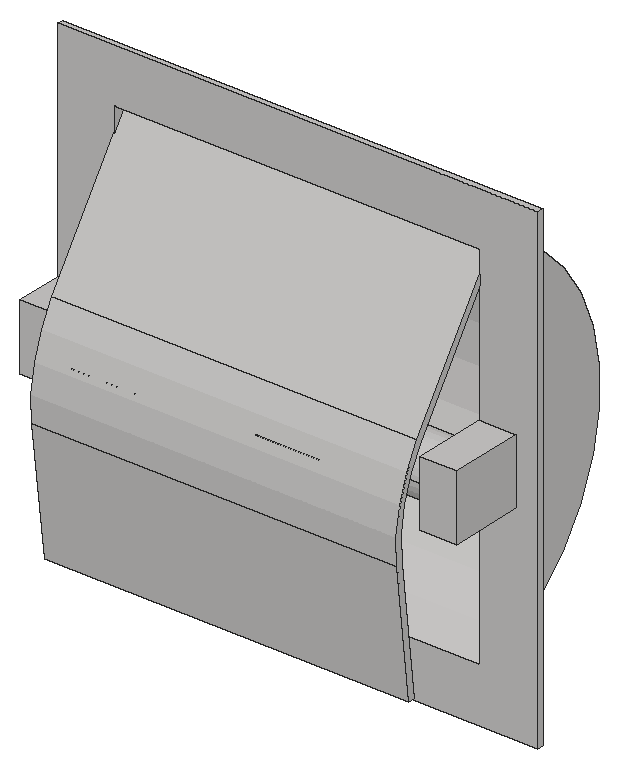
Revit family "Toilet Roll Dispenser_Metlam_Single_Recessed_Hooded", category Specialty Equipment, Revit 2016
Family settings
  Part Type = Normal
  Round Connector Dimension = Use Diameter
  OmniClass Number = 23.40.20.21.21
  OmniClass Title = Toilet Paper Dispensers
  Work Plane-Based = No
  Always vertical = Yes
  Cut with Voids When Loaded = Yes
  Shared = No
  Room Calculation Point = Yes
Parameters (values of type "161w x 84d x 161h (ML261-S)")
  URL = "http://www.metlam.com.au/"
  Type Comments = "Toiler Roll Dispensers"  # constant formula
  Model = "ML261-S"
  Material_ANZRS = z_Metlam_Metal_Stainless Steel_Satin
  Manufacturer_URL__Product Specific = "http://www.metlam.com.au/product/content/toilet-roll-dispensers/ML261"
  Manufacturer_Spec Code = Model  # "ML261-S"
  Manufacturer_Overall Width = 161 mm  # constant formula
  Manufacturer_Overall Height = 161 mm  # constant formula
  Manufacturer_Overall Depth = 84 mm  # constant formula
  Manufacturer_Height From FFL [instance] = 585 mm
  Manufacturer = "Metlam"  # constant formula
  Description = "Recessed Single Toilet Roll Holder"  # constant formula
  CreatedBy_ANZRS = "IGS BIM Solutions"  # constant formula
  CreatedByURL_ANZRS = "http://www.igsgroup.com.au/"
  Assembly Code = ""
Reference planes
  plane 1 "Back": y = 0
  plane 2 "Ref. Level": z = 0
  plane 3 "Center (Left/Right)": x = 0
  plane 4 "Right": x = 80.5
  plane 5 "Left": x = -80.5
  plane 6 "Recessed_Front": y = -47
  plane 7 "Top": z = 665.5
  plane 8 "Bottom": z = 504.5
  plane 9 "Mounting Height": z = 585
  plane 10 "Front": y = -84
Forms (mm)
  Revolve 1, solid, material "z_Metlam_Metal_Stainless Steel_Satin" <- "Material_ANZRS"
    sketch origin (-73.125, -1524, 585) x (-1, 0, 0) y (0, -1, 0)
      loop
        line (-12.01, -1463.68) -> (-12.01, -1452.68) -> (-73.125, -1452.68) -> (-73.125, -1454.18) -> (-134.239, -1454.18) -> (-134.239, -1463.68) -> (-12.01, -1463.68)
      axis (-12.01, -1463.68) -> (-134.239, -1463.68)
    angle from 0 to 360
  Extrusion 2, solid, material "z_Metlam_Metal_Stainless Steel_Satin" <- "Material_ANZRS"
    sketch origin (0, 0, 0) x (0, 1, 0) y (0, 0, 1)
      loop
        line (-49, 596) -> (-74, 596) -> (-74, 574) -> (-49, 574) -> (-49, 596)
    from 60.807 to 73.125
  Extrusion 3, solid, material "z_Metlam_Metal_Stainless Steel_Satin" <- "Material_ANZRS"
    sketch origin (0, 0, 0) x (0, 1, 0) y (0, 0, -1)
      loop
        line (-49, -596) -> (-49, -574) -> (-74, -574) -> (-74, -596) -> (-49, -596)
    from 61.115 to 73.125
  Extrusion 4, solid, material "z_Metlam_Metal_Stainless Steel_Satin" <- "Material_ANZRS"
    sketch origin (0, -5.566, 0) x (0, 1, 0) y (0, 0, 1)
      loop
        line (-37.807, 644.3) -> (-39.455, 645.433) -> (-69.636, 601.537)
        arc (-69.636, 601.537) -> (-77, 585.098) -> (-78.062, 567.116) r 50
        line (-78.062, 567.116) -> (-72.829, 524.5) -> (-70.814, 524.5) -> (-76.077, 567.359)
        arc (-76.077, 567.359) -> (-75.058, 584.622) -> (-67.988, 600.404) r 48
        line (-67.988, 600.404) -> (-37.807, 644.3)
    from -61.422 to 60.807
  Extrusion 5, solid, material "z_Metlam_Metal_Stainless Steel_Satin" <- "Material_ANZRS"
    sketch origin (0, -47, 0) x (-1, 0, 0) y (0, 0, -1)
      loop
        line (80.5, -665.5) -> (80.5, -504.5) -> (-80.5, -504.5) -> (-80.5, -665.5) -> (80.5, -665.5)
      loop
        line (61.422, -647.482) -> (61.422, -522.518) -> (-60.807, -522.518) -> (-60.807, -647.482) -> (61.422, -647.482)
    from 0 to 2
  Extrusion 6, solid, material "z_Metlam_Metal_Stainless Steel_Satin" <- "Material_ANZRS"
    sketch origin (-80.807, 0, 0) x (0, 0, 1) y (0, -1, 0)
      loop
        arc (520.46, 49) -> (585, 0) -> (649.54, 49) r 67.004
        line (649.54, 49) -> (647.461, 49)
        arc (647.461, 49) -> (585, 2) -> (522.539, 49) r 65.004
        line (522.539, 49) -> (520.46, 49)
    from 19.385 to 141.615
  Extrusion 7, solid, material "z_Metlam_Metal_Stainless Steel_Satin" <- "Material_ANZRS"
    sketch origin (-80.807, 0, 0) x (0, 0, 1) y (0, -1, 0)
      loop
        arc (521.052, 47) -> (585, 0) -> (648.948, 47) r 67.004
        line (648.948, 47) -> (521.052, 47)
    from 19.385 to 18.4
  Extrusion 8, solid, material "z_Metlam_Metal_Stainless Steel_Satin" <- "Material_ANZRS"
    sketch origin (-80.807, 0, 0) x (0, 0, 1) y (0, -1, 0)
      loop
        arc (521.052, 47) -> (585, 0) -> (648.948, 47) r 67.004
        line (648.948, 47) -> (521.052, 47)
    from 142.6 to 141.615
  Extrusion 9, void
    sketch origin (0, 0, 0) x (0, 1, 0) y (0, 0, 1)
      loop
        arc (-49, 520.46) -> (0, 585) -> (-49, 649.54) r 67.004
        line (-49, 649.54) -> (-49, 520.46)
    from -62.407 to 61.793
Cuts and joins
  joined: Extrusion 2, Extrusion 3, Extrusion 5, Extrusion 6, Extrusion 7, Extrusion 8
Lines and regions (mm)
  Masking region 1
    outline origin (0, 0, 0) x (1, 0, 0) y (0, 1, 0)
      loop
        line (-80.5, 0) -> (-80.5, -49) -> (-73.125, -49) -> (-73.125, -74) -> (-61.115, -74) -> (-61.115, -84) -> (61.115, -84) -> (61.115, -74) -> (73.125, -74) -> (73.125, -49) -> (80.5, -49) -> (80.5, 0) -> (-80.5, 0)
  symbolic lines, style "Bathroom Fixtures", detail levels medium+fine
    curve 1: line (-73.125, -49, 0) -> (73.125, -49, 0)
    curve 2: line (61.115, -74, 0) -> (61.115, -49, 0)
    curve 3: line (-61.115, -74, 0) -> (-61.115, -49, 0)
Text (mm)
  text "> Contact Manufacturer to confirm feasibility of design variations outside the scope of this Revit Family\n\n\n\nDisclaimer:\n\nDue to ongoing product development and manufacturing evolution, product details are subject to change without notice. Please refer to product technical data sheets on the manufacturer’s website for the most current product information. Please allow a +/- 5mm manufacturing tolerance for dimensions and set-outs shown in product literature." at (204.134, 92.139, 0), in view "Ref. Level_Instruction"
Dimensions and locks
  "Manufacturer_Height From FFL": plane 9 "Mounting Height" to plane 2 "Ref. Level"
  "Manufacturer_Overall Height": plane 7 "Top" to plane 8 "Bottom"
  "Manufacturer_Overall Width": plane 5 "Left" to plane 4 "Right"
  equal spacing: plane 7 "Top", plane 9 "Mounting Height", plane 8 "Bottom"
  "Manufacturer_Overall Depth": plane 10 "Front" to plane 1 "Back"
  locked: plane 10 "Front" to plane 6 "Recessed_Front" at 37
  aligned and locked: plane 2 "Ref. Level" to level
Automatic sketch dimensions
  Extrusion 2 sketch curve to Extrusion 2 sketch curve = 22 mm
  Extrusion 3 sketch curve to Extrusion 3 sketch curve = 22 mm
  Extrusion 4 sketch curve to Extrusion 4 sketch curve = 0 mm  (x3)
  Extrusion 4 sketch curve to Extrusion 4 sketch curve = 1.985 mm
  Extrusion 4 sketch curve to Extrusion 4 sketch curve = 2.015 mm
  Extrusion 4 sketch curve to Extrusion 4 sketch curve = 1.648 mm  (x2)
  Extrusion 4 sketch curve to Extrusion 4 sketch curve = 0.244 mm
  Extrusion 4 sketch curve to Extrusion 4 sketch curve = 5.85 mm
  Extrusion 2 sketch curve to Extrusion 2 sketch curve = 25 mm
  Extrusion 3 sketch curve to Extrusion 3 sketch curve = 25 mm
  Extrusion 4 sketch curve to Extrusion 4 sketch curve = 5.233 mm
  Extrusion 4 sketch curve to Extrusion 4 sketch curve = 6.441 mm
  Extrusion 4 sketch curve to Extrusion 4 sketch curve = 30.181 mm
  Extrusion 4 sketch curve to Extrusion 4 sketch curve = 47.642 mm
  Extrusion 4 sketch curve to Extrusion 4 sketch curve = 42.616 mm
  plane 6 "Recessed_Front" to Extrusion 2 sketch curve = 2 mm
  plane 6 "Recessed_Front" to Extrusion 3 sketch curve = 2 mm
  Extrusion 3 sketch curve to plane 7 "Top" = 69.5 mm
  plane 6 "Recessed_Front" to Extrusion 4 sketch curve = 36.627 mm
  Revolve 1 sketch curve to plane 3 "Center (Left/Right)" = 0 mm
  plane 3 "Center (Left/Right)" to Revolve 1 sketch curve = 3.984 mm
  plane 4 "Right" to Revolve 1 sketch curve = 19.385 mm
  Revolve 1 sketch curve to plane 3 "Center (Left/Right)" = 17.5 mm
  plane 5 "Left" to Revolve 1 sketch curve = 19.385 mm
  plane 6 "Recessed_Front" to Revolve 1 sketch curve = 13.32 mm  (x2)
  Revolve 1 sketch curve to Revolve 1 sketch curve = 9.5 mm
  Revolve 1 sketch curve to Revolve 1 sketch curve = 1.5 mm
  Extrusion 6 sketch curve to Extrusion 6 sketch curve = 0 mm  (x2)
  Extrusion 6 sketch curve to plane 9 "Mounting Height" = 0 mm
  Extrusion 6 sketch curve to Extrusion 6 sketch curve = 2.079 mm
  Extrusion 6 sketch curve to plane 6 "Recessed_Front" = 2 mm  (x2)
  plane 7 "Top" to Extrusion 6 sketch curve = 18.039 mm
  plane 10 "Front" to Extrusion 6 sketch curve = 16.996 mm
  Extrusion 7 sketch curve to plane 6 "Recessed_Front" = 0 mm
  Extrusion 7 sketch curve to plane 9 "Mounting Height" = 0 mm
  plane 10 "Front" to Extrusion 7 sketch curve = 16.996 mm
  Extrusion 8 sketch curve to plane 6 "Recessed_Front" = 0 mm
  Extrusion 8 sketch curve to plane 9 "Mounting Height" = 0 mm
  plane 10 "Front" to Extrusion 8 sketch curve = 16.996 mm
  plane 4 "Right" to Extrusion 5 sketch curve = 0 mm
  Extrusion 5 sketch curve to plane 5 "Left" = 0 mm
  Extrusion 5 sketch curve to plane 8 "Bottom" = 0 mm
  Extrusion 5 sketch curve to plane 7 "Top" = 0 mm
  Extrusion 5 sketch curve to plane 4 "Right" = 19.693 mm
  Extrusion 5 sketch curve to plane 5 "Left" = 19.078 mm
  plane 7 "Top" to Extrusion 5 sketch curve = 18.018 mm
  plane 1 "Back" to Masking region 1 sketch curve = 0 mm
  Masking region 1 sketch curve to plane 5 "Left" = 0 mm
  plane 10 "Front" to Masking region 1 sketch curve = 0 mm
  Masking region 1 sketch curve to plane 4 "Right" = 0 mm
  plane 5 "Left" to Masking region 1 sketch curve = 7.375 mm
  Masking region 1 sketch curve to Masking region 1 sketch curve = 12.01 mm
  plane 4 "Right" to Masking region 1 sketch curve = 19.385 mm
  plane 6 "Recessed_Front" to Masking region 1 sketch curve = 2 mm  (x2)
  plane 4 "Right" to Masking region 1 sketch curve = 7.375 mm
  Masking region 1 sketch curve to plane 10 "Front" = 10 mm
  Masking region 1 sketch curve to Masking region 1 sketch curve = 10 mm
  plane 6 "Recessed_Front" to curve 1 = 2 mm
  plane 5 "Left" to curve 1 = 7.375 mm
  plane 5 "Left" to curve 3 = 19.385 mm
  plane 4 "Right" to curve 2 = 19.385 mm
  plane 4 "Right" to curve 1 = 7.375 mm
  curve 3 to plane 10 "Front" = 10 mm
  curve 2 to plane 10 "Front" = 10 mm
  Extrusion 2 sketch curve to plane 9 "Mounting Height" = 11 mm
  Extrusion 4 sketch curve to plane 8 "Bottom" = 20 mm
  plane 8 "Bottom" to Extrusion 5 sketch curve = 18.018 mm
  plane 8 "Bottom" to Extrusion 7 sketch curve = 16.552 mm
  plane 8 "Bottom" to Extrusion 8 sketch curve = 16.552 mm
  Extrusion 9 sketch curve to plane 9 "Mounting Height" = 0 mm
  Extrusion 9 sketch curve to plane 10 "Front" = 16.996 mm
  plane 6 "Recessed_Front" to Extrusion 9 sketch curve = 2 mm
  Extrusion 9 sketch curve to plane 8 "Bottom" = 15.96 mm
